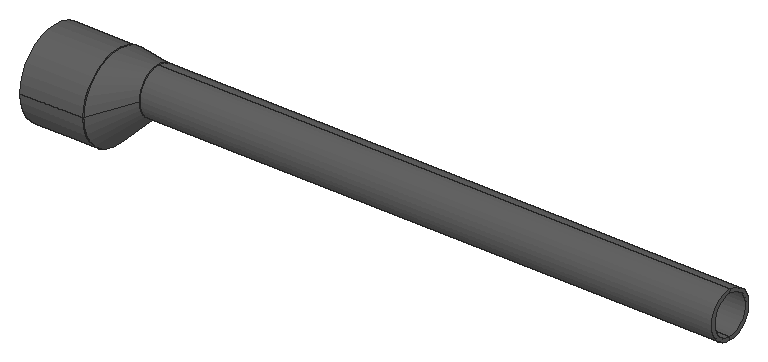
Revit family "QSS+_Переходной патрубок для кровельной воронки", category Соединительные детали трубопроводов, Revit 2019
Family settings
  Размер круглого соединителя = Использовать диаметр
  Тип детали = Соединение
  На основе рабочей плоскости = Нет
  Всегда вертикально = Да
  При загрузке вырезать с полостями = Нет
  Общий = Нет
Parameters (values of type "QSS+")
  Поиск по таблице имен = "QSS+_Переходной патрубок для кровельной воронки"  # constant formula
  Материал_Корпус_2 = Пластик
  Материал_Корпус = Металл
  k2 [instance] = size_lookup(Поиск по таблице имен, "k2", 80 mm, DN, k1)  # 590 mm
  URL = "www.agpipe.ru"
  k1 [instance] = 40 mm
  DN [instance] = 75 mm
  ADSK_Примечание = ""
  ADSK_Позиция [instance] = ""
  ADSK_Обозначение = ""
  ADSK_Наименование [instance] = size_lookup(Поиск по таблице имен, "ADSK_Наименование", "Нет в каталоге", DN)  # "Переходной патрубок для кровельной воронки DN75x40"
  ADSK_Масса_Текст [instance] = ""
  ADSK_Код изделия [instance] = size_lookup(Поиск по таблице имен, "ADSK_Код изделия", "Нет в каталоге", DN)  # "QSS-RSEP-75040"
  ADSK_Завод-изготовитель = "Agpipe"  # constant formula
  ADSK_Единица измерения = "шт."  # constant formula
Reference planes
  plane 1 "По центру (Вперед/Назад)": y = 0
  plane 2: z = 0
  plane 3 "По центру (Влево/Вправо)": x = 0
  plane 4: x = -295
  plane 5: x = 295
  plane 6: y = -37.5
  plane 7: y = 37.5
  plane 8: z = 37.5
  plane 9: z = -37.5
  plane 10: y = 20
  plane 11: y = -20
  plane 12: x = -205
  plane 13: z = -2.5
  plane 14: z = 17.5
  plane 15: z = -2.5
  plane 16: z = 17.5
Forms (mm)
  Revolve 1, solid, material "Пластик" <- "Материал_Корпус_2"
    sketch origin (0, 0, 0) x (1, 0, 0) y (0, 1, 0)
      loop
        line (-295, 37.5) -> (-295, 34.5) -> (-240, 34.5) -> (-240, 37.5) -> (-295, 37.5)
      axis (-295, 0) -> (-240, 0)
    angle from 0 to 360
  Revolve 2, solid, material "Пластик" <- "Материал_Корпус_2"
    sketch origin (0, 0, 0) x (1, 0, 0) y (0, 0, 1)
      loop
        line (-205, 37.5) -> (-205, 34.5) -> (295, 34.5) -> (295, 37.5) -> (-205, 37.5)
      axis (295, 17.5) -> (-205, 17.5)
    angle from 0 to 360
  Blend 3, solid, material "Пластик" <- "Материал_Корпус_2"
    base sketch origin (0, 0, 0) x (0, 1, 0) y (0, 0, 1)
      loop
        circle (0, 0) r 37.5
    top sketch origin (0, 0, 0) x (0, 1, 0) y (0, 0, 1)
      loop
        circle (0, 17.5) r 20
    from -240 to -205
Lines and regions (mm)
  reference lines
    curve 1: line (-295, 0, 0) -> (295, 0, 0)
Dimensions and locks
  equal spacing: plane 4, plane 3 "По центру (Влево/Вправо)", plane 5
  "k2": plane 4 to plane 5
  equal spacing: plane 7, plane 1 "По центру (Вперед/Назад)", plane 6
  "DN": plane 7 to plane 6
  equal spacing: plane 11, plane 1 "По центру (Вперед/Назад)", plane 10
  "k1": plane 11 to plane 10
  locked: plane 4 to plane 12 at 90
  locked: plane 4 to Revolve 1 sketch curve at 55
  locked: plane 7 to Revolve 1 sketch curve at 3
  equal spacing: plane 8, level, plane 9
  "DN": plane 8 to plane 9
  equal spacing: plane 8, plane 14, plane 13
  "k1": plane 8 to plane 13
  locked: plane 8 to Revolve 2 sketch curve at 3
  equal spacing: plane 8, plane 16, plane 15
  "k1": plane 8 to plane 15
  "DN": diameter of Blend 3 sketch curve
  "k1": diameter of Blend 3 sketch curve
  aligned and locked: level to plane 2
  aligned and locked: Revolve 1 sketch curve to plane 7
  aligned and locked: plane 4 to Revolve 1 sketch curve
  aligned and locked: plane 12 to Revolve 2 sketch curve
  aligned and locked: Revolve 2 sketch curve to plane 8
  aligned and locked: plane 14 to Revolve 2 sketch curve
  aligned and locked: level to Blend 3 sketch curve
  aligned and locked: plane 1 "По центру (Вперед/Назад)" to Blend 3 sketch curve  (x2)
  aligned and locked: plane 16 to Blend 3 sketch curve
  aligned and locked: Blend 3 to Revolve 1
  aligned and locked: plane 12 to Blend 3
  aligned and locked: Revolve 2 sketch curve to plane 5
  aligned and locked: plane 4 to curve 1
  aligned and locked: plane 5 to curve 1
Automatic sketch dimensions
  plane 1 "По центру (Вперед/Назад)" to Revolve 1 sketch curve = 0 mm
  Revolve 1 sketch curve to plane 4 = 10 mm
  plane 4 to Revolve 1 sketch curve = 30 mm
  plane 1 "По центру (Вперед/Назад)" to curve 1 = 0 mm
  Revolve 2 sketch curve to plane 8 = 0 mm
  plane 12 to Revolve 2 sketch curve = 60 mm
  Revolve 2 sketch curve to Revolve 2 sketch curve = 35 mm
Connectors
  piping at (-295, 0, 0), diameter 75, driven by "DN"
    settings: on curve 1, index 1, connector inside diameter 609.6 mm, connector length 0 mm, flow factor 0, pipe flow 0.0 L/s, pressure drop 0.0 Pa, fitting loss kfactor 0, connector angle 0.00°, fixture units 0, engagement length 0 mm, angle of deflection 0.00°, flow configuration 0, flow direction 0, fitting loss method 0, system type 7, joint type 0, gender type 0, connector reference index 2, connector utility 0, adjustable connector no, is connector primary yes, connector description ""
  piping at (295, 0, 17.5), diameter 40, driven by "k1"
    settings: on Revolve 2, index 2, connector inside diameter 609.6 mm, connector length 0 mm, flow factor 0, pipe flow 0.0 L/s, pressure drop 0.0 Pa, fitting loss kfactor 0, connector angle 0.00°, fixture units 0, engagement length 0 mm, angle of deflection 0.00°, flow configuration 0, flow direction 0, fitting loss method 0, system type 28, joint type 0, gender type 0, connector reference index 1, connector utility 0, adjustable connector no, is connector primary no, connector description ""
